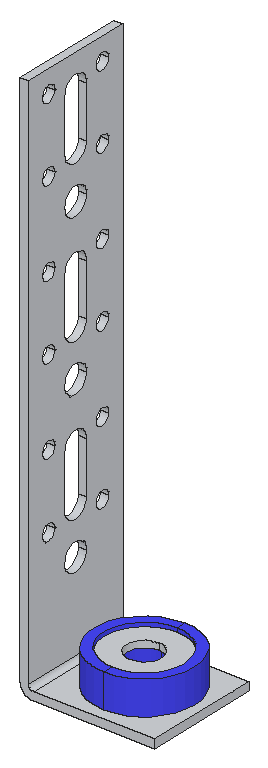
Revit family "Kanalhalter LLN 165", category Allgemeines Modell, Revit 2018
Family settings
  Kann Basisbauteil für Bewehrung sein = Nein
  Bemaßung runder Anschluss = Durchmesser verwenden
  Teiletyp = Normal
  Arbeitsebenenbasiert = Ja
  Immer vertikal = Nein
  Beim Laden mit Abzugskörper schneiden = Nein
  Gemeinsam genutzt = Ja
  Raumberechnungspunkt = Nein
Parameters (values of type "Kanalhalter SD-LLN 165")
  vpe = "50"
  max. zul. Last stehend = 0.00 kN
  max. zul. Last hängend = 0.30 kN
  max. Temperaturbeständigkeit = "100 °C"
  Default Elevation = 1219.2 mm
  Stärke Material = 2.5 mm
  Schalldämmeinlage = "Gummi SBR"
  Regelhalter [instance] = ""
  Mengeneinheit = "St"
  Länge = 40 mm
  Kurztext2 = "Höhe 165 mm Gummi genietet"
  Kurztext1 = "Kanalhalter LLN"
  Höhe = "165 mm"
  Gewicht pro Bauteil = Gewicht  # 0.14 kg
  Gewicht = 0.14 kg
  Firma = "MEFA Befestigungs- und Montagesysteme GmbH"
  Fabrikat = "MEFA"
  EAN = "4250928446985"
  Dämmelementtyp = "genietet"
  Breite Material = "35 mm"
  Bauart = "L"
  Ausführung = "leicht"
  Artikelnummer = "9998373"
  Anschluss = "M8/M10"
Reference planes
  plane 1 "Mitte (Vorne/hinten)": y = 0
  plane 2: z = 0
  plane 3 "Mitte (Links/rechts)": x = 0
Dimensions and locks
  aligned and locked: level to plane 2
Nested families
  nested 1: "Kanalhalterwinkel LLN 165" at (0, 0, 0), type "MEFA Kanalhalterwinkel LLN165"
  nested 2: "Gummipuffer für SD" at (23, 0, 13.25) x (0, -1, 0) z (1, 0, 0), type "Gummipuffer für SD"
  nested 3: "Unterlegscheibe 10,5x25x2,0" at (23, 0, 10.25) x (0, 1, 0) z (0, 0, 1), type "Unterlegscheibe 10,5x25x2,0"
Definition of nested family "Kanalhalterwinkel LLN 165"
  Parameters (values of type "MEFA Kanalhalterwinkel LLN165")
    Default Elevation = 1219.2 mm
    Regelhalter [instance] = ""
  Reference planes
    plane 1 "Mitte (Vorne/hinten)": y = 0
    plane 2: z = 0
    plane 3 "Mitte (Links/rechts)": x = 0
    plane 4: z = 165
    plane 5: z = 255
  Forms (mm)
    Extrusion 1, solid
      sketch origin (0, 0, 0) x (1, 0, 0) y (0, 0, 1)
        loop
          arc (0, 4) -> (1.172, 1.172) -> (4, 0) r 4
          line (4, 0) -> (40, 0) -> (40, 2.487) -> (3.961, 2.487)
          arc (3.961, 2.487) -> (2.901, 2.926) -> (2.461, 3.987) r 1.5
          line (2.461, 3.987) -> (2.461, 165) -> (0, 165) -> (0, 4)
      from -17.5 to 17.5
    Extrusion 2, void
      sketch origin (0, 0, -7.75) x (0, 1, 0) y (0, 0, 1)
        loop
          circle (10, 71) r 2.5
        loop
          circle (10, 49) r 2.5
        loop
          circle (-10, 71) r 2.5
        loop
          circle (-10, 49) r 2.5
        loop
          circle (0, 38) r 4.25
        loop
          arc (4.25, 67.75) -> (0, 72) -> (-4.25, 67.75) r 4.25
          line (-4.25, 67.75) -> (-4.25, 52.25)
          arc (-4.25, 52.25) -> (0, 48) -> (4.25, 52.25) r 4.25
          line (4.25, 52.25) -> (4.25, 67.75)
      from 0 to 10
    Extrusion 3, void
      sketch origin (0, 0, 0) x (1, 0, 0) y (0, 1, 0)
        loop
          circle (23, 0) r 9
      from 0 to 10
    Extrusion 4, void
      sketch origin (0, 0, 39.75) x (0, 1, 0) y (0, 0, 1)
        loop
          circle (10, 71) r 2.5
        loop
          circle (10, 49) r 2.5
        loop
          circle (-10, 71) r 2.5
        loop
          circle (-10, 49) r 2.5
        loop
          circle (0, 38) r 4.25
        loop
          arc (4.25, 67.75) -> (0, 72) -> (-4.25, 67.75) r 4.25
          line (-4.25, 67.75) -> (-4.25, 52.25)
          arc (-4.25, 52.25) -> (0, 48) -> (4.25, 52.25) r 4.25
          line (4.25, 52.25) -> (4.25, 67.75)
      from 0 to 10
    Extrusion 5, void
      sketch origin (0, 0, 87.25) x (0, 1, 0) y (0, 0, 1)
        loop
          circle (10, 71) r 2.5
        loop
          circle (10, 49) r 2.5
        loop
          circle (-10, 71) r 2.5
        loop
          circle (-10, 49) r 2.5
        loop
          circle (0, 38) r 4.25
        loop
          arc (4.25, 67.75) -> (0, 72) -> (-4.25, 67.75) r 4.25
          line (-4.25, 67.75) -> (-4.25, 52.25)
          arc (-4.25, 52.25) -> (0, 48) -> (4.25, 52.25) r 4.25
          line (4.25, 52.25) -> (4.25, 67.75)
      from 0 to 10
  Cuts and joins
    Extrusion 2, Extrusion 3, Extrusion 4, Extrusion 5 cuts Extrusion 1
  Dimensions and locks
    plane 4 to level = 165 mm
    plane 5 to level = 255 mm
    aligned and locked: level to plane 2
    aligned and locked: plane 4 to cut or joined group of Extrusion 1, Extrusion 2, Extrusion 3, Extrusion 4, Extrusion 5
Definition of nested family "Gummipuffer für SD"
  Parameters (values of type "Gummipuffer für SD")
    Default Elevation = 1219.2 mm
    Regelhalter [instance] = ""
  Reference planes
    plane 1 "Mitte (Vorne/hinten)": y = 0
    plane 2: z = 0
    plane 3 "Mitte (Links/rechts)": x = 0
  Forms (mm)
    Revolve 1, solid
      sketch origin (0, 0, 0) x (1, 0, 0) y (0, 1, 0)
        loop
          line (-12, 0) -> (-12, 3) -> (-6, 3) -> (-6, 19) -> (-9.25, 19) -> (-10.75, 17.5) -> (-10.75, 14) -> (-8.5, 14) -> (-8.5, 10) -> (-15, 10) -> (-15, 0) -> (-12, 0)
        axis (0, 0) -> (0, 19)
      angle from 0 to 360
  Dimensions and locks
    aligned and locked: level to plane 2
Definition of nested family "Unterlegscheibe 10,5x25x2,0"
  Parameters (values of type "Unterlegscheibe 10,5x25x2,0")
    vpe = "100"
    max. zul. Last stehend = 0.00 kN
    max. zul. Last hängend = 0.00 kN
    max. Temperaturbeständigkeit = ""
    Default Elevation = 1219.2 mm
    Stärke Material = 0 mm
    Schalldämmeinlage = ""
    Regelhalter [instance] = ""
    Mengeneinheit = "St"
    Länge = 2 mm
    Kurztext2 = "10.5 x 20 x 2 mm gvz"
    Kurztext1 = "Unterlegscheibe DIN EN ISO 7089"
    Höhe = ""
    Gewicht = 0.0036 kg
    Fabrikat = "MEFA"
    EAN = "4250928439048"
    Dämmelementtyp = ""
    D0 = 10.5 mm
    D = 25 mm
    Breite Material = ""
    Bauart = ""
    Artikelnummer = "4320263"
    Anschluss = ""
  Reference planes
    plane 1 "Mitte (Vorne/hinten)": y = 0
    plane 2: z = 0
    plane 3 "Mitte (Links/rechts)": x = 0
    plane 4: z = 2
  Forms (mm)
    Extrusion 1, solid
      sketch origin (0, 0, 0) x (1, 0, 0) y (0, 1, 0)
        loop
          circle (0, 0) r 12.5
      from 0 to 2
    Extrusion 2, void
      sketch origin (0, 0, 0) x (1, 0, 0) y (0, 1, 0)
        loop
          circle (0, 0) r 5.25
      from 0 to 2
  Cuts and joins
    Extrusion 2 cuts Extrusion 1
  Lines and regions (mm)
    model lines, not visible
      curve 1: line (9.299, 0, 2) -> (-10.701, 0, 2)
      curve 2: line (0, 15.717, 2) -> (0, -4.283, 2)
      curve 3: line (0, 10.717, 0) -> (0, -9.283, 0)
      curve 4: line (6.799, 0, 0) -> (-13.201, 0, 0)
      curve 5: line (0, 0, 69.337) -> (0, 0, -112.663)
  Dimensions and locks
    "Länge": level to plane 4
    "D": diameter of Extrusion 1 sketch curve
    "D0": diameter of Extrusion 2 sketch curve
    aligned and locked: level to plane 2
    aligned and locked: Extrusion 1 to level
    aligned and locked: Extrusion 1 to curve 1
    aligned and locked: plane 4 to Extrusion 1
    aligned and locked: curve 2 to plane 4
    aligned and locked: curve 3 to level
    aligned and locked: curve 4 to level
    aligned and locked: plane 3 "Mitte (Links/rechts)" to curve 5
    aligned and locked: curve 5 to plane 1 "Mitte (Vorne/hinten)"
    aligned and locked: Extrusion 1 to Extrusion 2
    aligned and locked: Extrusion 2 to level
  Automatic sketch dimensions
    plane 1 "Mitte (Vorne/hinten)" to curve 2 = 4.283 mm
    plane 1 "Mitte (Vorne/hinten)" to curve 3 = 9.283 mm
    curve 3 to plane 1 "Mitte (Vorne/hinten)" = 10.717 mm
    curve 2 to plane 1 "Mitte (Vorne/hinten)" = 15.717 mm
    curve 4 to plane 3 "Mitte (Links/rechts)" = 13.201 mm
    curve 1 to plane 3 "Mitte (Links/rechts)" = 10.701 mm
    plane 3 "Mitte (Links/rechts)" to curve 4 = 6.799 mm
    plane 3 "Mitte (Links/rechts)" to curve 1 = 9.299 mm
    curve 5 to level = 112.663 mm
    plane 4 to curve 5 = 67.337 mm
    plane 1 "Mitte (Vorne/hinten)" to Extrusion 1 sketch curve = 0 mm
    Extrusion 1 sketch curve to plane 3 "Mitte (Links/rechts)" = 0 mm
    plane 1 "Mitte (Vorne/hinten)" to Extrusion 2 sketch curve = 0 mm
    Extrusion 2 sketch curve to plane 3 "Mitte (Links/rechts)" = 0 mm
